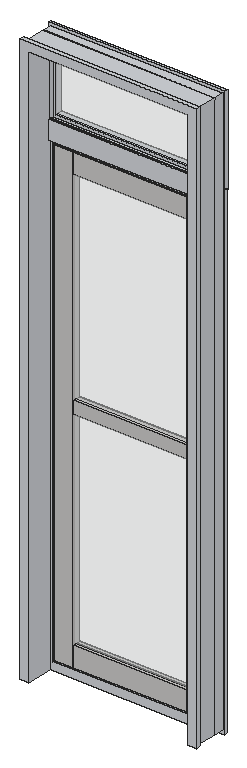
Revit family "APL Residential Thermal Heart Hinged Door with Overlight Open In", category Doors, host Wall, Revit 2017 (continued)
Definition of nested family "APL Residential Thermal Heart Hinged Door Open In Horizontal Section"
  Definition of nested family "Open In Jamb&Hinge"
    Definition of nested family "65300_Open In Frame"
      Lines and regions (mm)
        model lines, in view "Ref. Level"
          curve 107: line (29.9, -14.8, 0) -> (30.3, -15.2, 0)
          curve 108: line (30.3, -15.2, 0) -> (34.743, -15.2, 0)
          curve 109: line (35.233, -15, 0) -> (41.4, -15, 0)
          curve 110: line (42.8, -13.6, 0) -> (42.8, -13.194, 0)
          curve 111: line (43.213, -12.702, 0) -> (44.013, -12.561, 0)
          curve 112: line (44.6, -13.053, 0) -> (44.6, -24.2, 0)
          curve 113: line (45.9, -25.5, 0) -> (47.7, -25.5, 0)
          curve 114: line (47.7, -25.5, 0) -> (48, -25.2, 0)
          curve 115: line (48, -25.2, 0) -> (53.25, -25.2, 0)
          curve 116: line (53.25, -25.2, 0) -> (53.55, -25.5, 0)
          curve 117: line (53.55, -25.5, 0) -> (55.35, -25.5, 0)
          curve 118: line (55.35, -24.2, 0) -> (46, -24.2, 0)
          curve 119: line (46, -24.2, 0) -> (46, -4.7, 0)
          curve 120: line (46, -4.7, 0) -> (49.5, -4.7, 0)
          curve 121: line (50, -4.2, 0) -> (50, 7.5, 0)
          curve 122: line (49, 8.5, 0) -> (46.6, 8.5, 0)
          curve 123: line (45.9, 7.1, 0) -> (48.4, 7.1, 0)
          curve 124: line (48.6, 6.9, 0) -> (48.6, 4, 0)
          curve 125: line (48.4, 3.8, 0) -> (46.6, 3.8, 0)
          curve 126: line (45.9, 3.612, 0) -> (39.875, 0.134, 0)
          curve 127: line (39.375, 0, 0) -> (36.5, 0, 0)
          curve 128: line (36.5, 0, 0) -> (36.1, -0.4, 0)
          curve 129: line (36.1, -0.4, 0) -> (35.7, 0, 0)
          curve 130: line (35.7, 0, 0) -> (25.9, 0, 0)
          curve 131: line (25.9, 0, 0) -> (25.5, -0.4, 0)
          curve 132: line (25.5, -0.4, 0) -> (25.1, 0, 0)
          curve 133: line (25.1, 0, 0) -> (15.583, 0, 0)
          curve 134: line (14.813, 0.268, 0) -> (13.403, 0.782, 0)
          curve 135: line (13.001, 0.474, 0) -> (13.208, -1.892, 0)
          curve 136: line (13.295, -2.078, 0) -> (13.659, -2.441, 0)
          curve 137: arc (14.038, -2.184, 0) -> (14.09, -2.095, 0) -> (14.179, -2.043, 0) r 0.2
          curve 138: arc (-0.24, -19.661, 0) -> (-0.123, -19.944, 0) -> (0.16, -20.061, 0) r 0.4
          curve 139: arc (0.453, -20.061, 0) -> (0.556, -20.047, 0) -> (0.653, -20.007, 0) r 0.4
          curve 140: arc (2.181, -19.122, 0) -> (2.471, -19.002, 0) -> (2.782, -18.961, 0) r 1.2
          curve 141: arc (3.705, -18.961, 0) -> (4.278, -18.78, 0) -> (4.644, -18.303, 0) r 1
          curve 142: arc (5.437, -16.124, 0) -> (5.584, -15.933, 0) -> (5.813, -15.861, 0) r 0.4
          curve 143: arc (12.307, -15.861, 0) -> (12.536, -15.933, 0) -> (12.683, -16.124, 0) r 0.4
          curve 144: arc (13.476, -18.303, 0) -> (13.842, -18.78, 0) -> (14.415, -18.961, 0) r 1
          curve 145: arc (15.338, -18.961, 0) -> (15.649, -19.002, 0) -> (15.939, -19.122, 0) r 1.2
          curve 146: arc (17.467, -20.007, 0) -> (17.564, -20.047, 0) -> (17.667, -20.061, 0) r 0.4
          curve 147: arc (17.96, -20.061, 0) -> (18.243, -19.944, 0) -> (18.36, -19.661, 0) r 0.4
          curve 148: arc (18.36, -16.261, 0) -> (18.243, -15.978, 0) -> (17.96, -15.861, 0) r 0.4
          curve 149: arc (17.667, -15.861, 0) -> (17.564, -15.875, 0) -> (17.467, -15.915, 0) r 0.4
          curve 150: arc (15.939, -16.799, 0) -> (15.645, -16.921, 0) -> (15.33, -16.961, 0) r 1.2
          curve 151: arc (15.33, -16.961, 0) -> (15.155, -16.908, 0) -> (15.044, -16.764, 0) r 0.3
          curve 152: arc (14.156, -14.324, 0) -> (14.009, -14.133, 0) -> (13.78, -14.061, 0) r 0.4
          curve 153: arc (4.34, -14.061, 0) -> (4.111, -14.133, 0) -> (3.964, -14.324, 0) r 0.4
          curve 154: arc (3.076, -16.764, 0) -> (2.965, -16.908, 0) -> (2.79, -16.961, 0) r 0.3
          curve 155: arc (2.79, -16.961, 0) -> (2.475, -16.921, 0) -> (2.181, -16.799, 0) r 1.2
          curve 156: arc (0.653, -15.915, 0) -> (0.556, -15.875, 0) -> (0.453, -15.861, 0) r 0.4
          curve 157: arc (0.16, -15.861, 0) -> (-0.123, -15.978, 0) -> (-0.24, -16.261, 0) r 0.4
          curve 158: line (0.16, -20.061, 0) -> (0.453, -20.061, 0)
          curve 159: line (0.653, -20.007, 0) -> (2.181, -19.122, 0)
          curve 160: line (2.782, -18.961, 0) -> (3.705, -18.961, 0)
          curve 161: line (4.644, -18.303, 0) -> (5.437, -16.124, 0)
          curve 162: line (5.813, -15.861, 0) -> (12.307, -15.861, 0)
          curve 163: line (12.683, -16.124, 0) -> (13.476, -18.303, 0)
          curve 164: line (14.415, -18.961, 0) -> (15.338, -18.961, 0)
          curve 165: line (15.939, -19.122, 0) -> (17.467, -20.007, 0)
          curve 166: line (17.667, -20.061, 0) -> (17.96, -20.061, 0)
          curve 167: line (18.36, -19.661, 0) -> (18.36, -16.261, 0)
          curve 168: line (17.96, -15.861, 0) -> (17.667, -15.861, 0)
          curve 169: line (17.467, -15.915, 0) -> (15.939, -16.799, 0)
          curve 170: line (15.044, -16.764, 0) -> (14.156, -14.324, 0)
          curve 171: line (13.78, -14.061, 0) -> (4.34, -14.061, 0)
          curve 172: line (3.964, -14.324, 0) -> (3.076, -16.764, 0)
          curve 173: line (2.181, -16.799, 0) -> (0.653, -15.915, 0)
          curve 174: line (0.453, -15.861, 0) -> (0.16, -15.861, 0)
          curve 175: line (-0.24, -16.261, 0) -> (-0.24, -19.661, 0)
          curve 176: arc (-2.1, -5.6, 0) -> (-1.983, -5.883, 0) -> (-1.7, -6, 0) r 0.4
          curve 177: arc (-1.407, -6, 0) -> (-1.304, -5.986, 0) -> (-1.207, -5.946, 0) r 0.4
          curve 178: arc (0.321, -5.061, 0) -> (0.611, -4.941, 0) -> (0.922, -4.9, 0) r 1.2
          curve 179: arc (1.845, -4.9, 0) -> (2.418, -4.719, 0) -> (2.784, -4.242, 0) r 1
          curve 180: arc (3.577, -2.063, 0) -> (3.724, -1.872, 0) -> (3.953, -1.8, 0) r 0.4
          curve 181: arc (10.447, -1.8, 0) -> (10.676, -1.872, 0) -> (10.823, -2.063, 0) r 0.4
          curve 182: arc (11.616, -4.242, 0) -> (11.982, -4.719, 0) -> (12.555, -4.9, 0) r 1
          curve 183: arc (13.478, -4.9, 0) -> (13.789, -4.941, 0) -> (14.079, -5.061, 0) r 1.2
          curve 184: arc (15.607, -5.946, 0) -> (15.704, -5.986, 0) -> (15.807, -6, 0) r 0.4
          curve 185: arc (16.1, -6, 0) -> (16.383, -5.883, 0) -> (16.5, -5.6, 0) r 0.4
          curve 186: arc (16.5, -2.2, 0) -> (16.383, -1.917, 0) -> (16.1, -1.8, 0) r 0.4
          curve 187: arc (15.807, -1.8, 0) -> (15.704, -1.814, 0) -> (15.607, -1.854, 0) r 0.4
          curve 188: arc (14.079, -2.739, 0) -> (13.785, -2.86, 0) -> (13.47, -2.9, 0) r 1.2
          curve 189: arc (13.47, -2.9, 0) -> (13.295, -2.847, 0) -> (13.184, -2.703, 0) r 0.3
          curve 190: arc (12.296, -0.263, 0) -> (12.149, -0.072, 0) -> (11.92, 0, 0) r 0.4
          curve 191: arc (2.48, 0, 0) -> (2.251, -0.072, 0) -> (2.104, -0.263, 0) r 0.4
          curve 192: arc (1.216, -2.703, 0) -> (1.105, -2.847, 0) -> (0.93, -2.9, 0) r 0.3
          curve 193: arc (0.93, -2.9, 0) -> (0.615, -2.86, 0) -> (0.321, -2.739, 0) r 1.2
          curve 194: arc (-1.207, -1.854, 0) -> (-1.304, -1.814, 0) -> (-1.407, -1.8, 0) r 0.4
          curve 195: arc (-1.7, -1.8, 0) -> (-1.983, -1.917, 0) -> (-2.1, -2.2, 0) r 0.4
          curve 196: line (-1.7, -6, 0) -> (-1.407, -6, 0)
          curve 197: line (-1.207, -5.946, 0) -> (0.321, -5.061, 0)
          curve 198: line (0.922, -4.9, 0) -> (1.845, -4.9, 0)
          curve 199: line (2.784, -4.242, 0) -> (3.577, -2.063, 0)
          curve 200: line (3.953, -1.8, 0) -> (10.447, -1.8, 0)
          curve 201: line (10.823, -2.063, 0) -> (11.616, -4.242, 0)
          curve 202: line (12.555, -4.9, 0) -> (13.478, -4.9, 0)
          curve 203: line (14.079, -5.061, 0) -> (15.607, -5.946, 0)
          curve 204: line (15.807, -6, 0) -> (16.1, -6, 0)
          curve 205: line (16.5, -5.6, 0) -> (16.5, -2.2, 0)
          curve 206: line (16.1, -1.8, 0) -> (15.807, -1.8, 0)
          curve 207: line (15.607, -1.854, 0) -> (14.079, -2.739, 0)
          curve 208: line (13.184, -2.703, 0) -> (12.296, -0.263, 0)
          curve 209: line (11.92, 0, 0) -> (2.48, 0, 0)
          curve 210: line (2.104, -0.263, 0) -> (1.216, -2.703, 0)
          curve 211: line (0.321, -2.739, 0) -> (-1.207, -1.854, 0)
          curve 212: line (-1.407, -1.8, 0) -> (-1.7, -1.8, 0)
          curve 213: line (-2.1, -2.2, 0) -> (-2.1, -5.6, 0)
          curve 214: arc (-15.5, 27, 0) -> (-15.351, 27.351, 0) -> (-15, 27.5, 0) r 0.508
          curve 215: arc (-8.7, 27.5, 0) -> (-8.559, 27.441, 0) -> (-8.5, 27.3, 0) r 0.2
          curve 216: arc (-8.5, 26.1, 0) -> (-8.559, 25.959, 0) -> (-8.7, 25.9, 0) r 0.2
          curve 217: arc (-13.8, 25.9, 0) -> (-13.941, 25.841, 0) -> (-14, 25.7, 0) r 0.2
          curve 218: arc (-14, 22.6, 0) -> (-13.941, 22.459, 0) -> (-13.8, 22.4, 0) r 0.2
          curve 219: arc (-10.5, 23.15, 0) -> (-10.346, 23.381, 0) -> (-10.073, 23.327, 0) r 0.25
          curve 220: arc (-8.5, 19.1, 0) -> (-8.559, 18.959, 0) -> (-8.7, 18.9, 0) r 0.2
          curve 221: arc (-8.7, 18.9, 0) -> (-9.266, 19.134, 0) -> (-9.5, 19.7, 0) r 0.8
          curve 222: arc (-9.5, 20.8, 0) -> (-9.559, 20.941, 0) -> (-9.7, 21, 0) r 0.2
          curve 223: arc (-11.9, 20.4, 0) -> (-12.3, 20, 0) -> (-12.7, 20.4, 0) r 0.4
          curve 224: arc (-11.7, 8, 0) -> (-11.554, 8.354, 0) -> (-11.2, 8.5, 0) r 0.5
          curve 225: arc (-9.5, 8.5, 0) -> (-8.793, 8.207, 0) -> (-8.5, 7.5, 0) r 1
          curve 226: arc (-8.5, 7.4, 0) -> (-8.588, 7.188, 0) -> (-8.8, 7.1, 0) r 0.3
          curve 227: arc (-10.217, 7.1, 0) -> (-10.329, 7.066, 0) -> (-10.402, 6.975, 0) r 0.2
          curve 228: arc (-10.402, 6.975, 0) -> (-10.917, 6.339, 0) -> (-11.7, 6.1, 0) r 1.4
          curve 229: arc (-13.8, 6.1, 0) -> (-13.941, 6.041, 0) -> (-14, 5.9, 0) r 0.2
          curve 230: arc (-14, 1, 0) -> (-13.707, 0.293, 0) -> (-13, 0, 0) r 1
          curve 231: arc (-1.183, 0, 0) -> (-0.878, -0.199, 0) -> (-0.605, 0.043, 0) r 0.3
          curve 232: arc (-0.605, 0.043, 0) -> (-0.539, 0.181, 0) -> (-0.413, 0.268, 0) r 0.3
          curve 233: arc (0.997, 0.782, 0) -> (1.283, 0.738, 0) -> (1.399, 0.474, 0) r 0.3
          curve 234: arc (1.192, -1.892, 0) -> (1.165, -1.992, 0) -> (1.105, -2.078, 0) r 0.3
          curve 235: arc (0.741, -2.441, 0) -> (0.548, -2.493, 0) -> (0.407, -2.352, 0) r 0.2
          curve 236: arc (0.362, -2.184, 0) -> (0.31, -2.095, 0) -> (0.221, -2.043, 0) r 0.2
          curve 237: arc (-2, -1.5, 0) -> (-2.28, -1.693, 0) -> (-2.2, -2.024, 0) r 0.3
          curve 238: arc (-2.2, -2.024, 0) -> (-2.126, -2.125, 0) -> (-2.1, -2.247, 0) r 0.3
          curve 239: arc (-2.294, -6.25, 0) -> (-2.258, -6.422, 0) -> (-2.1, -6.5, 0) r 0.2
          curve 240: arc (-1.579, -6.5, 0) -> (-1.498, -6.489, 0) -> (-1.423, -6.456, 0) r 0.3
          curve 241: arc (-0.169, -5.691, 0) -> (-0.172, -5.521, 0) -> (-0.066, -5.389, 0) r 0.25
          curve 242: arc (0.02, -5.337, 0) -> (0.25, -5.321, 0) -> (0.395, -5.5, 0) r 0.25
          curve 243: arc (0.645, -5.5, 0) -> (0.786, -5.559, 0) -> (0.845, -5.7, 0) r 0.2
          curve 244: arc (0.845, -13.8, 0) -> (0.904, -13.941, 0) -> (1.045, -14, 0) r 0.2
          curve 245: arc (3.668, -14, 0) -> (3.832, -14.085, 0) -> (3.856, -14.268, 0) r 0.2
          curve 246: arc (3.163, -16.171, 0) -> (2.98, -16.41, 0) -> (2.694, -16.5, 0) r 0.5
          curve 247: arc (2.255, -16.5, 0) -> (2.11, -16.679, 0) -> (1.88, -16.663, 0) r 0.25
          curve 248: arc (1.794, -16.611, 0) -> (1.688, -16.479, 0) -> (1.691, -16.309, 0) r 0.25
          curve 249: arc (0.438, -15.544, 0) -> (0.362, -15.511, 0) -> (0.281, -15.5, 0) r 0.3
          curve 250: arc (-0.24, -15.5, 0) -> (-0.398, -15.578, 0) -> (-0.434, -15.75, 0) r 0.2
          curve 251: arc (-0.24, -19.753, 0) -> (-0.266, -19.875, 0) -> (-0.34, -19.976, 0) r 0.3
          curve 252: arc (-0.34, -19.976, 0) -> (-0.42, -20.307, 0) -> (-0.14, -20.5, 0) r 0.3
          curve 253: arc (2.081, -19.957, 0) -> (2.17, -19.905, 0) -> (2.222, -19.816, 0) r 0.2
          curve 254: arc (2.267, -19.648, 0) -> (2.408, -19.507, 0) -> (2.601, -19.559, 0) r 0.2
          curve 255: arc (2.965, -19.922, 0) -> (3.025, -20.008, 0) -> (3.052, -20.108, 0) r 0.3
          curve 256: arc (3.259, -22.474, 0) -> (3.143, -22.738, 0) -> (2.857, -22.782, 0) r 0.3
          curve 257: arc (1.447, -22.268, 0) -> (1.321, -22.181, 0) -> (1.255, -22.043, 0) r 0.3
          curve 258: arc (1.255, -22.043, 0) -> (0.982, -21.801, 0) -> (0.677, -22, 0) r 0.3
          curve 259: arc (0.2, -22, 0) -> (0.059, -22.059, 0) -> (0, -22.2, 0) r 0.2
          curve 260: arc (0, -27.301, 0) -> (-0.107, -27.836, 0) -> (-0.41, -28.291, 0) r 1.4
          curve 261: arc (-5.407, -33.287, 0) -> (-5.624, -33.612, 0) -> (-5.7, -33.995, 0) r 1
          curve 262: arc (-5.7, -39.659, 0) -> (-5.623, -39.816, 0) -> (-5.452, -39.853, 0) r 0.2
          curve 263: arc (-5.452, -39.853, 0) -> (-4.643, -40.177, 0) -> (-4.687, -41.048, 0) r 0.75
          curve 264: arc (-4.687, -41.048, 0) -> (-5.025, -42.005, 0) -> (-4.687, -42.962, 0) r 1.525
          curve 265: arc (-4.687, -42.962, 0) -> (-4.594, -43.113, 0) -> (-4.539, -43.281, 0) r 0.75
          curve 266: arc (-4.539, -43.281, 0) -> (-4.442, -43.492, 0) -> (-4.26, -43.636, 0) r 0.5
          curve 267: arc (-4.26, -43.636, 0) -> (-3.5, -43.805, 0) -> (-2.74, -43.637, 0) r 1.8
          curve 268: arc (-2.74, -43.637, 0) -> (-2.558, -43.492, 0) -> (-2.461, -43.28, 0) r 0.5
          curve 269: arc (-2.461, -43.28, 0) -> (-2.406, -43.112, 0) -> (-2.312, -42.961, 0) r 0.737
          curve 270: arc (-2.312, -42.961, 0) -> (-1.975, -42.005, 0) -> (-2.312, -41.049, 0) r 1.525
          curve 271: arc (-2.312, -41.049, 0) -> (-2.2, -40.012, 0) -> (-1.163, -40.124, 0) r 0.737
          curve 272: arc (-1.163, -40.124, 0) -> (-0.507, -41.796, 0) -> (-0.924, -43.544, 0) r 3
          curve 273: arc (-0.924, -43.544, 0) -> (-0.93, -44.047, 0) -> (-0.495, -44.3, 0) r 0.5
          curve 274: arc (-0.2, -44.3, 0) -> (-0.059, -44.359, 0) -> (0, -44.5, 0) r 0.2
          curve 275: arc (0, -45.3, 0) -> (-0.059, -45.441, 0) -> (-0.2, -45.5, 0) r 0.2
          curve 276: arc (-6, -45.5, 0) -> (-6.707, -45.207, 0) -> (-7, -44.5, 0) r 1
          curve 277: arc (-7, -35.563, 0) -> (-7.281, -34.295, 0) -> (-8.072, -33.265, 0) r 3
          curve 278: arc (-14.428, -27.931, 0) -> (-15.219, -26.9, 0) -> (-15.5, -25.63, 0) r 3
          curve 279: arc (-13.102, -1.4, 0) -> (-13.808, -1.693, 0) -> (-14.1, -2.4, 0) r 1
          curve 280: arc (-14.1, -25.631, 0) -> (-13.951, -26.308, 0) -> (-13.528, -26.859, 0) r 1.6
          curve 281: arc (-7.044, -32.3, 0) -> (-6.701, -32.416, 0) -> (-6.369, -32.27, 0) r 0.5
          curve 282: arc (-1.693, -27.594, 0) -> (-1.476, -27.269, 0) -> (-1.4, -26.886, 0) r 1
          curve 283: arc (-1.4, -22.466, 0) -> (-1.503, -22.161, 0) -> (-1.77, -21.983, 0) r 0.5
          curve 284: arc (-1.77, -21.983, 0) -> (-2.037, -21.804, 0) -> (-2.14, -21.5, 0) r 0.5
          curve 285: arc (-2.14, -15, 0) -> (-1.88, -14.328, 0) -> (-1.236, -14.005, 0) r 1
          curve 286: arc (-1.236, -14.005, 0) -> (-1.107, -13.94, 0) -> (-1.055, -13.806, 0) r 0.2
          curve 287: arc (-1.055, -8.9, 0) -> (-1.201, -8.546, 0) -> (-1.555, -8.4, 0) r 0.5
          curve 288: arc (-2.5, -8.4, 0) -> (-3.617, -8.073, 0) -> (-4.1, -7.014, 0) r 1.4
          curve 289: arc (-4.1, -1.9, 0) -> (-4.246, -1.546, 0) -> (-4.6, -1.4, 0) r 0.5
          curve 290: line (-15.5, -25.63, 0) -> (-15.5, 27, 0)
          curve 291: line (-15, 27.5, 0) -> (-8.7, 27.5, 0)
          curve 292: line (-8.5, 27.3, 0) -> (-8.5, 26.1, 0)
          curve 293: line (-8.7, 25.9, 0) -> (-13.8, 25.9, 0)
          curve 294: line (-14, 25.7, 0) -> (-14, 22.6, 0)
          curve 295: line (-13.8, 22.4, 0) -> (-10.5, 22.4, 0)
          curve 296: line (-10.5, 22.4, 0) -> (-10.5, 23.15, 0)
          curve 297: line (-10.073, 23.327, 0) -> (-8.559, 21.812, 0)
          curve 298: line (-8.559, 21.812, 0) -> (-8.5, 19.1, 0)
          curve 299: line (-9.5, 19.7, 0) -> (-9.5, 20.8, 0)
          curve 300: line (-9.7, 21, 0) -> (-11.9, 21, 0)
          curve 301: line (-11.9, 21, 0) -> (-11.9, 20.4, 0)
          curve 302: line (-12.7, 20.4, 0) -> (-12.7, 21, 0)
          curve 303: line (-12.7, 21, 0) -> (-14, 21, 0)
          curve 304: line (-14, 21, 0) -> (-14, 7.5, 0)
          curve 305: line (-14, 7.5, 0) -> (-11.7, 7.5, 0)
          curve 306: line (-11.7, 7.5, 0) -> (-11.7, 8, 0)
          curve 307: line (-11.2, 8.5, 0) -> (-9.5, 8.5, 0)
          curve 308: line (-8.8, 7.1, 0) -> (-10.217, 7.1, 0)
          curve 309: line (-11.7, 6.1, 0) -> (-13.8, 6.1, 0)
          curve 310: line (-14, 5.9, 0) -> (-14, 1, 0)
          curve 311: line (-13, 0, 0) -> (-1.183, 0, 0)
          curve 312: line (-0.413, 0.268, 0) -> (0.997, 0.782, 0)
          curve 313: line (1.399, 0.474, 0) -> (1.192, -1.892, 0)
          curve 314: line (1.105, -2.078, 0) -> (0.741, -2.441, 0)
          curve 315: line (0.407, -2.352, 0) -> (0.362, -2.184, 0)
          curve 316: line (0.362, -2.184, 0) -> (-1.768, -1.51, 0)
          curve 317: line (-1.768, -1.51, 0) -> (-2, -1.5, 0)
          curve 318: line (-2.1, -2.247, 0) -> (-2.1, -5.475, 0)
          curve 319: line (-2.1, -5.475, 0) -> (-2.294, -6.25, 0)
          curve 320: line (-2.1, -6.5, 0) -> (-1.579, -6.5, 0)
          curve 321: line (-1.579, -6.5, 0) -> (-0.169, -5.691, 0)
          curve 322: line (0.395, -5.5, 0) -> (0.645, -5.5, 0)
          curve 323: line (0.845, -5.7, 0) -> (0.845, -13.8, 0)
          curve 324: line (1.045, -14, 0) -> (3.668, -14, 0)
          curve 325: line (3.856, -14.268, 0) -> (3.163, -16.171, 0)
          curve 326: line (2.694, -16.5, 0) -> (2.255, -16.5, 0)
          curve 327: line (1.691, -16.309, 0) -> (0.438, -15.544, 0)
          curve 328: line (0.438, -15.544, 0) -> (-0.24, -15.5, 0)
          curve 329: line (-0.434, -15.75, 0) -> (-0.246, -16.475, 0)
          curve 330: line (-0.246, -16.475, 0) -> (-0.24, -19.753, 0)
          curve 331: line (0.014, -20.5, 0) -> (2.081, -19.957, 0)
          curve 332: line (2.081, -19.957, 0) -> (2.267, -19.648, 0)
          curve 333: line (2.601, -19.559, 0) -> (2.965, -19.922, 0)
          curve 334: line (3.052, -20.108, 0) -> (3.259, -22.474, 0)
          curve 335: line (2.857, -22.782, 0) -> (1.447, -22.268, 0)
          curve 336: line (0.677, -22, 0) -> (0.2, -22, 0)
          curve 337: line (0, -22.2, 0) -> (0, -27.301, 0)
          curve 338: line (-0.41, -28.291, 0) -> (-5.407, -33.287, 0)
          curve 339: line (-5.7, -33.995, 0) -> (-5.7, -39.659, 0)
          curve 340: line (-0.495, -44.3, 0) -> (-0.2, -44.3, 0)
          curve 341: line (0, -44.5, 0) -> (0, -45.3, 0)
          curve 342: line (-0.2, -45.5, 0) -> (-6, -45.5, 0)
          curve 343: line (-7, -44.5, 0) -> (-7, -35.563, 0)
          curve 344: line (-8.072, -33.265, 0) -> (-14.428, -27.931, 0)
          curve 345: line (-14.1, -2.4, 0) -> (-14.1, -25.631, 0)
          curve 346: line (-13.528, -26.859, 0) -> (-7.044, -32.3, 0)
          curve 347: line (-6.369, -32.27, 0) -> (-1.693, -27.594, 0)
          curve 348: line (-1.4, -26.886, 0) -> (-1.4, -22.466, 0)
          curve 349: line (-2.14, -21.5, 0) -> (-2.14, -15, 0)
          curve 350: line (-1.055, -13.806, 0) -> (-1.055, -8.9, 0)
          curve 351: line (-1.555, -8.4, 0) -> (-2.5, -8.4, 0)
          curve 352: line (-4.1, -7.014, 0) -> (-4.1, -1.9, 0)
          curve 353: line (-4.6, -1.4, 0) -> (-13.102, -1.4, 0)
      Text (mm)
        text "65300" at (11.86, 30.704, 0), in view "Ref. Level"
  Definition of nested family "Open In Jamb"
    Types (2): name
      Open Out Jamb
      Jamb
    Reference planes
      plane 1 "Center (Front/Back)": y = 0
      plane 2: z = 0
      plane 3 "Center (Left/Right)": x = 0
    Lines and regions (mm)
      detail lines, in view "Ref. Level", not visible
        curve 1: arc (27.921, 135.423, 0) -> (27.611, 135.563, 0) -> (27.449, 135.264, 0) r 0.25
        curve 2: arc (27.475, 125.376, 0) -> (27.637, 125.077, 0) -> (27.948, 125.217, 0) r 0.25
        curve 3: line (27.449, 135.264, 0) -> (28.443, 131.396, 0)
        curve 4: line (28.443, 131.396, 0) -> (27.439, 130.817, 0)
        curve 5: line (27.439, 130.817, 0) -> (27.439, 129.817, 0)
        curve 6: line (27.439, 129.817, 0) -> (28.465, 129.225, 0)
        curve 7: line (28.465, 129.225, 0) -> (27.475, 125.376, 0)
        curve 8: line (27.948, 125.217, 0) -> (29.672, 129.317, 0)
        curve 9: line (29.672, 129.317, 0) -> (30.939, 129.317, 0)
        curve 10: line (30.939, 129.317, 0) -> (30.939, 128.067, 0)
        curve 11: line (30.939, 128.067, 0) -> (31.939, 128.067, 0)
        curve 12: line (31.939, 128.067, 0) -> (31.939, 132.567, 0)
        curve 13: line (31.939, 132.567, 0) -> (30.939, 132.567, 0)
        curve 14: line (30.939, 132.567, 0) -> (30.939, 131.317, 0)
        curve 15: line (30.939, 131.317, 0) -> (29.647, 131.317, 0)
        curve 16: line (29.647, 131.317, 0) -> (27.921, 135.423, 0)
        curve 17: arc (43.239, 46.459, 0) -> (43.098, 46.401, 0) -> (43.039, 46.259, 0) r 0.2
        curve 18: arc (43.039, 43.539, 0) -> (42.981, 43.398, 0) -> (42.839, 43.339, 0) r 0.2
        curve 19: arc (41.739, 43.339, 0) -> (41.032, 43.632, 0) -> (40.739, 44.339, 0) r 1
        curve 20: arc (40.304, 42.421, 0) -> (39.422, 41.539, 0) -> (38.539, 42.421, 0) r 0.882
        curve 21: arc (38.539, 44.651, 0) -> (38.545, 44.752, 0) -> (38.56, 44.852, 0) r 1
        curve 22: arc (39.401, 48.942, 0) -> (39.95, 49.665, 0) -> (40.814, 49.939, 0) r 1.5
        curve 23: arc (42.039, 49.939, 0) -> (42.747, 49.646, 0) -> (43.039, 48.939, 0) r 1
        curve 24: arc (47.988, 48.439, 0) -> (48.168, 48.327, 0) -> (48.146, 48.116, 0) r 0.2
        curve 25: arc (46.796, 45.416, 0) -> (46.657, 45.31, 0) -> (46.487, 45.354, 0) r 0.2
        curve 26: line (43.039, 46.259, 0) -> (43.039, 43.539, 0)
        curve 27: line (42.839, 43.339, 0) -> (42.439, 43.339, 0)
        curve 28: line (42.439, 43.339, 0) -> (41.739, 43.339, 0)
        curve 29: line (40.739, 44.339, 0) -> (40.739, 47.344, 0)
        curve 30: line (40.739, 47.344, 0) -> (40.312, 44.702, 0)
        curve 31: line (40.312, 44.702, 0) -> (40.304, 42.421, 0)
        curve 32: line (38.539, 42.421, 0) -> (38.539, 44.651, 0)
        curve 33: line (38.56, 44.852, 0) -> (39.401, 48.942, 0)
        curve 34: line (40.944, 49.939, 0) -> (42.039, 49.939, 0)
        curve 35: line (43.039, 48.939, 0) -> (43.039, 48.439, 0)
        curve 36: line (43.039, 48.439, 0) -> (47.988, 48.439, 0)
        curve 37: line (48.146, 48.116, 0) -> (46.796, 45.416, 0)
        curve 38: line (46.487, 45.354, 0) -> (45.203, 46.459, 0)
        curve 39: arc (45.203, 46.459, 0) -> (44.221, 46.592, 0) -> (43.239, 46.459, 0) r 3.701
        curve 40: arc (48.146, 48.116, 0) -> (48.168, 48.327, 0) -> (47.988, 48.439, 0) r 0.2
      detail lines, in view "Ref. Level"
        curve 41: arc (130.406, 36.74, 0) -> (130.546, 36.43, 0) -> (130.247, 36.267, 0) r 0.25
        curve 42: arc (120.359, 36.294, 0) -> (120.059, 36.456, 0) -> (120.199, 36.766, 0) r 0.25
        curve 43: line (130.247, 36.267, 0) -> (126.379, 37.261, 0)
        curve 44: line (126.379, 37.261, 0) -> (125.8, 36.258, 0)
        curve 45: line (125.8, 36.258, 0) -> (124.8, 36.258, 0)
        curve 46: line (124.8, 36.258, 0) -> (124.208, 37.283, 0)
        curve 47: line (124.208, 37.283, 0) -> (120.359, 36.294, 0)
        curve 48: line (120.199, 36.766, 0) -> (124.3, 38.49, 0)
        curve 49: line (124.3, 38.49, 0) -> (124.3, 39.758, 0)
        curve 50: line (124.3, 39.758, 0) -> (123.05, 39.758, 0)
        curve 51: line (123.05, 39.758, 0) -> (123.05, 40.758, 0)
        curve 52: line (123.05, 40.758, 0) -> (127.55, 40.758, 0)
        curve 53: line (127.55, 40.758, 0) -> (127.55, 39.758, 0)
        curve 54: line (127.55, 39.758, 0) -> (126.3, 39.758, 0)
        curve 55: line (126.3, 39.758, 0) -> (126.3, 38.466, 0)
        curve 56: line (126.3, 38.466, 0) -> (130.406, 36.74, 0)
        curve 57: arc (49.459, -8.742, 0) -> (49.401, -8.6, 0) -> (49.259, -8.542, 0) r 0.2
        curve 58: arc (46.539, -8.542, 0) -> (46.398, -8.483, 0) -> (46.339, -8.342, 0) r 0.2
        curve 59: arc (46.339, -7.242, 0) -> (46.632, -6.535, 0) -> (47.339, -6.242, 0) r 1
        curve 60: arc (45.421, -5.807, 0) -> (44.539, -4.924, 0) -> (45.421, -4.042, 0) r 0.882
        curve 61: arc (47.651, -4.042, 0) -> (47.752, -4.047, 0) -> (47.852, -4.062, 0) r 1
        curve 62: arc (51.942, -4.904, 0) -> (52.665, -5.452, 0) -> (52.939, -6.317, 0) r 1.5
        curve 63: arc (52.939, -7.542, 0) -> (52.646, -8.249, 0) -> (51.939, -8.542, 0) r 1
        curve 64: arc (51.439, -13.491, 0) -> (51.327, -13.67, 0) -> (51.116, -13.649, 0) r 0.2
        curve 65: arc (48.416, -12.299, 0) -> (48.31, -12.159, 0) -> (48.354, -11.99, 0) r 0.2
        curve 66: line (49.259, -8.542, 0) -> (46.539, -8.542, 0)
        curve 67: line (46.339, -8.342, 0) -> (46.339, -7.942, 0)
        curve 68: line (46.339, -7.942, 0) -> (46.339, -7.242, 0)
        curve 69: line (47.339, -6.242, 0) -> (50.344, -6.242, 0)
        curve 70: line (50.344, -6.242, 0) -> (47.702, -5.814, 0)
        curve 71: line (47.702, -5.814, 0) -> (45.421, -5.807, 0)
        curve 72: line (45.421, -4.042, 0) -> (47.651, -4.042, 0)
        curve 73: line (47.852, -4.062, 0) -> (51.942, -4.904, 0)
        curve 74: line (52.939, -6.447, 0) -> (52.939, -7.542, 0)
        curve 75: line (51.939, -8.542, 0) -> (51.439, -8.542, 0)
        curve 76: line (51.439, -8.542, 0) -> (51.439, -13.491, 0)
        curve 77: line (51.116, -13.649, 0) -> (48.416, -12.299, 0)
        curve 78: line (48.354, -11.99, 0) -> (49.459, -10.705, 0)
        curve 79: arc (49.459, -10.705, 0) -> (49.592, -9.724, 0) -> (49.459, -8.742, 0) r 3.701
        curve 80: arc (51.116, -13.649, 0) -> (51.327, -13.67, 0) -> (51.439, -13.491, 0) r 0.2
    Nested families
      nested 1: "65210_Lock Stile" at (40.05, -4.042, 0) x (0, 1, 0) z (0, 0, 1), type "65210_Lock Stile", in view "Ref. Level"
      nested 2: "65300_Open In Frame" at (25.5, 0, 0) x (0, 1, 0) z (0, 0, 1), type "65300_Open In Frame", in view "Ref. Level"
    Definition of nested family "65210_Lock Stile"
      Reference planes
        plane 1 "Center (Front/Back)": y = 0
        plane 2: z = 0
        plane 3 "Center (Left/Right)": x = 0
      Lines and regions (mm)
        model lines, in view "Ref. Level"
          curve 1: arc (27.4, 64.45, 0) -> (27.272, 64.668, 0) -> (27.019, 64.663, 0) r 0.25
          curve 2: arc (26.934, 64.611, 0) -> (26.828, 64.479, 0) -> (26.831, 64.309, 0) r 0.25
          curve 3: arc (25.577, 63.544, 0) -> (25.502, 63.511, 0) -> (25.421, 63.5, 0) r 0.3
          curve 4: arc (24.9, 63.5, 0) -> (24.742, 63.578, 0) -> (24.706, 63.75, 0) r 0.2
          curve 5: arc (24.9, 67.753, 0) -> (24.874, 67.875, 0) -> (24.8, 67.976, 0) r 0.3
          curve 6: arc (24.8, 67.976, 0) -> (24.72, 68.307, 0) -> (25, 68.5, 0) r 0.3
          curve 7: arc (27.221, 67.957, 0) -> (27.31, 67.905, 0) -> (27.362, 67.816, 0) r 0.2
          curve 8: arc (27.407, 67.648, 0) -> (27.548, 67.507, 0) -> (27.741, 67.559, 0) r 0.2
          curve 9: arc (28.105, 67.922, 0) -> (28.165, 68.008, 0) -> (28.192, 68.108, 0) r 0.3
          curve 10: arc (28.399, 70.474, 0) -> (28.283, 70.738, 0) -> (27.997, 70.782, 0) r 0.3
          curve 11: arc (26.587, 70.268, 0) -> (26.461, 70.181, 0) -> (26.395, 70.043, 0) r 0.3
          curve 12: arc (26.395, 70.043, 0) -> (26.122, 69.801, 0) -> (25.817, 70, 0) r 0.3
          curve 13: arc (24.003, 70, 0) -> (23.295, 69.707, 0) -> (23.003, 69, 0) r 1
          curve 14: arc (23.003, 63.28, 0) -> (22.944, 63.139, 0) -> (22.803, 63.08, 0) r 0.2
          curve 15: arc (17.703, 63.08, 0) -> (17.561, 63.139, 0) -> (17.503, 63.28, 0) r 0.2
          curve 16: arc (17.503, 69, 0) -> (17.21, 69.707, 0) -> (16.503, 70, 0) r 1
          curve 17: arc (9.5, 70, 0) -> (9.359, 69.941, 0) -> (9.3, 69.8, 0) r 0.2
          curve 18: arc (9.3, 69.5, 0) -> (9.38, 69.2, 0) -> (9.6, 68.98, 0) r 0.6
          curve 19: arc (10.7, 68.345, 0) -> (10.773, 68.272, 0) -> (10.8, 68.172, 0) r 0.2
          curve 20: arc (10.8, 64.08, 0) -> (10.507, 63.373, 0) -> (9.8, 63.08, 0) r 1
          curve 21: arc (2.42, 63.08, 0) -> (1.721, 63.366, 0) -> (1.421, 64.06, 0) r 1
          curve 22: arc (1.322, 68.935, 0) -> (1.357, 69.052, 0) -> (1.453, 69.127, 0) r 0.2
          curve 23: arc (1.453, 69.127, 0) -> (1.621, 69.234, 0) -> (1.725, 69.403, 0) r 0.45
          curve 24: arc (1.725, 69.403, 0) -> (1.729, 69.522, 0) -> (1.665, 69.621, 0) r 0.2
          curve 25: arc (0.2, 70, 0) -> (0.059, 69.941, 0) -> (0, 69.8, 0) r 0.2
          curve 26: arc (0, 0.501, 0) -> (0.146, 0.147, 0) -> (0.5, 0, 0) r 0.5
          curve 27: arc (1, 0, 0) -> (1.354, 0.146, 0) -> (1.5, 0.5, 0) r 0.5
          curve 28: arc (1.5, 2.8, 0) -> (1.559, 2.941, 0) -> (1.7, 3, 0) r 0.2
          curve 29: arc (31.817, 3, 0) -> (32.122, 3.199, 0) -> (32.395, 2.957, 0) r 0.3
          curve 30: arc (32.395, 2.957, 0) -> (32.461, 2.819, 0) -> (32.587, 2.732, 0) r 0.3
          curve 31: arc (33.997, 2.218, 0) -> (34.283, 2.262, 0) -> (34.399, 2.526, 0) r 0.3
          curve 32: arc (34.192, 4.892, 0) -> (34.165, 4.992, 0) -> (34.105, 5.078, 0) r 0.3
          curve 33: arc (33.741, 5.441, 0) -> (33.548, 5.493, 0) -> (33.407, 5.352, 0) r 0.2
          curve 34: arc (33.362, 5.184, 0) -> (33.31, 5.095, 0) -> (33.221, 5.043, 0) r 0.2
          curve 35: arc (31, 4.5, 0) -> (30.72, 4.693, 0) -> (30.8, 5.024, 0) r 0.3
          curve 36: arc (30.8, 5.024, 0) -> (30.874, 5.125, 0) -> (30.9, 5.247, 0) r 0.3
          curve 37: arc (30.706, 9.25, 0) -> (30.742, 9.422, 0) -> (30.9, 9.5, 0) r 0.2
          curve 38: arc (31.421, 9.5, 0) -> (31.502, 9.489, 0) -> (31.577, 9.456, 0) r 0.3
          curve 39: arc (32.831, 8.691, 0) -> (32.828, 8.521, 0) -> (32.934, 8.389, 0) r 0.25
          curve 40: arc (33.02, 8.337, 0) -> (33.272, 8.332, 0) -> (33.4, 8.55, 0) r 0.25
          curve 41: arc (33.4, 11.2, 0) -> (33.341, 11.341, 0) -> (33.2, 11.4, 0) r 0.2
          curve 42: arc (30, 11.4, 0) -> (29.293, 11.107, 0) -> (29, 10.4, 0) r 1
          curve 43: arc (2.1, 4.6, 0) -> (1.746, 4.746, 0) -> (1.6, 5.1, 0) r 0.5
          curve 44: arc (1.6, 60.98, 0) -> (1.746, 61.334, 0) -> (2.1, 61.48, 0) r 0.5
          curve 45: arc (9.8, 61.48, 0) -> (11.638, 62.242, 0) -> (12.4, 64.08, 0) r 2.6
          curve 46: arc (12.4, 68.2, 0) -> (12.459, 68.341, 0) -> (12.6, 68.4, 0) r 0.2
          curve 47: arc (15.703, 68.4, 0) -> (15.844, 68.341, 0) -> (15.903, 68.2, 0) r 0.2
          curve 48: arc (15.903, 62, 0) -> (16.049, 61.646, 0) -> (16.403, 61.5, 0) r 0.5
          curve 49: arc (27.2, 61.5, 0) -> (27.341, 61.559, 0) -> (27.4, 61.7, 0) r 0.2
          curve 50: line (26.831, 64.309, 0) -> (25.577, 63.544, 0)
          curve 51: line (25.577, 63.544, 0) -> (24.9, 63.5, 0)
          curve 52: line (24.706, 63.75, 0) -> (24.894, 64.475, 0)
          curve 53: line (24.894, 64.475, 0) -> (24.9, 67.753, 0)
          curve 54: line (25.154, 68.5, 0) -> (27.221, 67.957, 0)
          curve 55: line (27.221, 67.957, 0) -> (27.407, 67.648, 0)
          curve 56: line (27.741, 67.559, 0) -> (28.105, 67.922, 0)
          curve 57: line (28.192, 68.108, 0) -> (28.399, 70.474, 0)
          curve 58: line (27.997, 70.782, 0) -> (26.587, 70.268, 0)
          curve 59: line (25.817, 70, 0) -> (24.003, 70, 0)
          curve 60: line (23.003, 69, 0) -> (23.003, 63.28, 0)
          curve 61: line (22.803, 63.08, 0) -> (17.703, 63.08, 0)
          curve 62: line (17.503, 63.28, 0) -> (17.503, 69, 0)
          curve 63: line (16.503, 70, 0) -> (9.5, 70, 0)
          curve 64: line (9.3, 69.8, 0) -> (9.3, 69.5, 0)
          curve 65: line (9.6, 68.98, 0) -> (10.7, 68.345, 0)
          curve 66: line (10.8, 68.172, 0) -> (10.8, 64.08, 0)
          curve 67: line (9.8, 63.08, 0) -> (2.42, 63.08, 0)
          curve 68: line (1.421, 64.06, 0) -> (1.322, 68.935, 0)
          curve 69: line (1.665, 69.621, 0) -> (1.269, 69.953, 0)
          curve 70: line (1.269, 69.953, 0) -> (0.2, 70, 0)
          curve 71: line (0, 69.8, 0) -> (0, 0.501, 0)
          curve 72: line (0.5, 0, 0) -> (1, 0, 0)
          curve 73: line (1.5, 0.5, 0) -> (1.5, 2.8, 0)
          curve 74: line (1.7, 3, 0) -> (17.6, 3, 0)
          curve 75: line (17.6, 3, 0) -> (18, 3.4, 0)
          curve 76: line (18, 3.4, 0) -> (18.4, 3, 0)
          curve 77: line (18.4, 3, 0) -> (19.6, 3, 0)
          curve 78: line (19.6, 3, 0) -> (20, 3.4, 0)
          curve 79: line (20, 3.4, 0) -> (20.4, 3, 0)
          curve 80: line (20.4, 3, 0) -> (31.817, 3, 0)
          curve 81: line (32.587, 2.732, 0) -> (33.997, 2.218, 0)
          curve 82: line (34.399, 2.526, 0) -> (34.192, 4.892, 0)
          curve 83: line (34.105, 5.078, 0) -> (33.741, 5.441, 0)
          curve 84: line (33.407, 5.352, 0) -> (33.362, 5.184, 0)
          curve 85: line (33.362, 5.184, 0) -> (31.232, 4.51, 0)
          curve 86: line (31.232, 4.51, 0) -> (31, 4.5, 0)
          curve 87: line (30.9, 5.247, 0) -> (30.9, 8.475, 0)
          curve 88: line (30.9, 8.475, 0) -> (30.706, 9.25, 0)
          curve 89: line (30.9, 9.5, 0) -> (31.421, 9.5, 0)
          curve 90: line (31.421, 9.5, 0) -> (32.831, 8.691, 0)
          curve 91: line (33.4, 8.55, 0) -> (33.4, 11.2, 0)
          curve 92: line (33.2, 11.4, 0) -> (30, 11.4, 0)
          curve 93: line (29, 10.4, 0) -> (29, 5.8, 0)
          curve 94: line (29, 5.8, 0) -> (23.5, 5.8, 0)
          curve 95: line (23.5, 5.8, 0) -> (22.3, 4.6, 0)
          curve 96: line (22.3, 4.6, 0) -> (15.7, 4.6, 0)
          curve 97: line (15.7, 4.6, 0) -> (14.5, 5.8, 0)
          curve 98: line (14.5, 5.8, 0) -> (9.5, 5.8, 0)
          curve 99: line (9.5, 5.8, 0) -> (8.3, 4.6, 0)
          curve 100: line (8.3, 4.6, 0) -> (2.1, 4.6, 0)
          curve 101: line (1.6, 5.1, 0) -> (1.6, 60.98, 0)
          curve 102: line (2.1, 61.48, 0) -> (9.8, 61.48, 0)
          curve 103: line (12.4, 64.08, 0) -> (12.4, 68.2, 0)
          curve 104: line (12.6, 68.4, 0) -> (15.703, 68.4, 0)
          curve 105: line (15.903, 68.2, 0) -> (15.903, 62, 0)
          curve 106: line (16.403, 61.5, 0) -> (19.603, 61.5, 0)
          curve 107: line (19.603, 61.5, 0) -> (20.003, 61.9, 0)
          curve 108: line (20.003, 61.9, 0) -> (20.403, 61.5, 0)
          curve 109: line (20.403, 61.5, 0) -> (27.2, 61.5, 0)
          curve 110: line (27.4, 61.7, 0) -> (27.4, 64.45, 0)
          curve 111: line (27.4, 64.45, 0) -> (27.4, 63.6, 0)
          curve 112: arc (41, 62.874, 0) -> (41.128, 62.385, 0) -> (41.479, 62.021, 0) r 1
          curve 113: arc (42.049, 61.673, 0) -> (42.174, 61.619, 0) -> (42.309, 61.6, 0) r 0.5
          curve 114: arc (44.9, 61.6, 0) -> (45.254, 61.746, 0) -> (45.4, 62.1, 0) r 0.5
          curve 115: arc (45.4, 68.091, 0) -> (45.455, 68.318, 0) -> (45.608, 68.496, 0) r 0.5
          curve 116: arc (45.608, 68.496, 0) -> (45.836, 68.687, 0) -> (46.035, 68.908, 0) r 2.1
          curve 117: arc (46.035, 68.908, 0) -> (46.21, 69.049, 0) -> (46.429, 69.1, 0) r 0.5
          curve 118: arc (49.6, 69.1, 0) -> (49.954, 68.954, 0) -> (50.1, 68.6, 0) r 0.5
          curve 119: arc (50.1, 15.4, 0) -> (49.954, 15.046, 0) -> (49.6, 14.9, 0) r 0.5
          curve 120: arc (45.3, 14.9, 0) -> (45.159, 14.841, 0) -> (45.1, 14.7, 0) r 0.2
          curve 121: arc (45.1, 13.1, 0) -> (45.159, 12.959, 0) -> (45.3, 12.9, 0) r 0.2
          curve 122: arc (49.9, 12.9, 0) -> (50.041, 12.841, 0) -> (50.1, 12.7, 0) r 0.2
          curve 123: arc (50.1, 11.7, 0) -> (50.041, 11.559, 0) -> (49.9, 11.5, 0) r 0.2
          curve 124: arc (48.473, 11.5, 0) -> (48.338, 11.481, 0) -> (48.212, 11.427, 0) r 0.5
          curve 125: arc (47.479, 10.979, 0) -> (47.128, 10.615, 0) -> (47, 10.126, 0) r 1
          curve 126: arc (47, 8.55, 0) -> (47.128, 8.332, 0) -> (47.38, 8.337, 0) r 0.25
          curve 127: arc (47.466, 8.389, 0) -> (47.572, 8.521, 0) -> (47.569, 8.691, 0) r 0.25
          curve 128: arc (48.823, 9.456, 0) -> (48.898, 9.489, 0) -> (48.979, 9.5, 0) r 0.3
          curve 129: arc (49.5, 9.5, 0) -> (49.658, 9.422, 0) -> (49.694, 9.25, 0) r 0.2
          curve 130: arc (49.5, 5.247, 0) -> (49.526, 5.125, 0) -> (49.6, 5.024, 0) r 0.3
          curve 131: arc (49.6, 5.024, 0) -> (49.68, 4.693, 0) -> (49.4, 4.5, 0) r 0.3
          curve 132: arc (47.179, 5.043, 0) -> (47.09, 5.095, 0) -> (47.038, 5.184, 0) r 0.2
          curve 133: arc (46.993, 5.352, 0) -> (46.852, 5.493, 0) -> (46.659, 5.441, 0) r 0.2
          curve 134: arc (46.295, 5.078, 0) -> (46.235, 4.992, 0) -> (46.208, 4.892, 0) r 0.3
          curve 135: arc (46.001, 2.526, 0) -> (46.117, 2.262, 0) -> (46.403, 2.218, 0) r 0.3
          curve 136: arc (47.813, 2.732, 0) -> (47.939, 2.819, 0) -> (48.005, 2.957, 0) r 0.3
          curve 137: arc (48.005, 2.957, 0) -> (48.278, 3.199, 0) -> (48.583, 3, 0) r 0.3
          curve 138: arc (50.5, 0.5, 0) -> (50.646, 0.146, 0) -> (51, 0, 0) r 0.5
          curve 139: arc (51.5, 0, 0) -> (51.854, 0.146, 0) -> (52, 0.5, 0) r 0.5
          curve 140: arc (52, 89.2, 0) -> (51.8, 89.4, 0) -> (51.6, 89.2, 0) r 0.2
          curve 141: arc (43, 89, 0) -> (42.646, 88.854, 0) -> (42.5, 88.5, 0) r 0.5
          curve 142: arc (42.5, 87.25, 0) -> (43, 86.75, 0) -> (43.5, 87.25, 0) r 0.5
          curve 143: arc (43.5, 87.8, 0) -> (43.559, 87.941, 0) -> (43.7, 88, 0) r 0.2
          curve 144: arc (44.8, 88, 0) -> (44.941, 87.941, 0) -> (45, 87.8, 0) r 0.2
          curve 145: arc (45, 82.7, 0) -> (44.941, 82.559, 0) -> (44.8, 82.5, 0) r 0.2
          curve 146: arc (43.7, 82.5, 0) -> (43.559, 82.559, 0) -> (43.5, 82.7, 0) r 0.2
          curve 147: arc (43.5, 83.25, 0) -> (43, 83.75, 0) -> (42.5, 83.25, 0) r 0.5
          curve 148: arc (42.5, 81.7, 0) -> (42.559, 81.559, 0) -> (42.7, 81.5, 0) r 0.2
          curve 149: arc (46, 81.5, 0) -> (46.354, 81.646, 0) -> (46.5, 82, 0) r 0.5
          curve 150: arc (46.5, 87, 0) -> (46.646, 87.354, 0) -> (47, 87.5, 0) r 0.5
          curve 151: arc (49.6, 87.5, 0) -> (49.954, 87.354, 0) -> (50.1, 87, 0) r 0.5
          curve 152: arc (50.1, 71.5, 0) -> (49.954, 71.146, 0) -> (49.6, 71, 0) r 0.5
          curve 153: arc (44.78, 71, 0) -> (44.639, 70.941, 0) -> (44.58, 70.8, 0) r 0.2
          curve 154: arc (44.58, 70.2, 0) -> (44.521, 70.059, 0) -> (44.38, 70, 0) r 0.2
          curve 155: arc (42.583, 70, 0) -> (42.278, 69.801, 0) -> (42.005, 70.043, 0) r 0.3
          curve 156: arc (42.005, 70.043, 0) -> (41.939, 70.181, 0) -> (41.813, 70.268, 0) r 0.3
          curve 157: arc (40.403, 70.782, 0) -> (40.117, 70.738, 0) -> (40.001, 70.474, 0) r 0.3
          curve 158: arc (40.208, 68.108, 0) -> (40.235, 68.008, 0) -> (40.295, 67.922, 0) r 0.3
          curve 159: arc (40.659, 67.559, 0) -> (40.852, 67.507, 0) -> (40.993, 67.648, 0) r 0.2
          curve 160: arc (41.038, 67.816, 0) -> (41.09, 67.905, 0) -> (41.179, 67.957, 0) r 0.2
          curve 161: arc (43.4, 68.5, 0) -> (43.68, 68.307, 0) -> (43.6, 67.976, 0) r 0.3
          curve 162: arc (43.6, 67.976, 0) -> (43.526, 67.875, 0) -> (43.5, 67.753, 0) r 0.3
          curve 163: arc (43.694, 63.75, 0) -> (43.658, 63.578, 0) -> (43.5, 63.5, 0) r 0.2
          curve 164: arc (42.979, 63.5, 0) -> (42.898, 63.511, 0) -> (42.823, 63.544, 0) r 0.3
          curve 165: arc (41.569, 64.309, 0) -> (41.572, 64.479, 0) -> (41.466, 64.611, 0) r 0.25
          curve 166: line (41, 64.45, 0) -> (41, 62.874, 0)
          curve 167: line (41.479, 62.021, 0) -> (42.049, 61.673, 0)
          curve 168: line (42.309, 61.6, 0) -> (44.9, 61.6, 0)
          curve 169: line (45.4, 62.1, 0) -> (45.4, 68.091, 0)
          curve 170: line (46.429, 69.1, 0) -> (49.6, 69.1, 0)
          curve 171: line (50.1, 68.6, 0) -> (50.1, 15.4, 0)
          curve 172: line (49.6, 14.9, 0) -> (45.3, 14.9, 0)
          curve 173: line (45.1, 14.7, 0) -> (45.1, 13.1, 0)
          curve 174: line (45.3, 12.9, 0) -> (49.9, 12.9, 0)
          curve 175: line (50.1, 12.7, 0) -> (50.1, 11.7, 0)
          curve 176: line (49.9, 11.5, 0) -> (48.473, 11.5, 0)
          curve 177: line (48.212, 11.427, 0) -> (47.479, 10.979, 0)
          curve 178: line (47, 10.126, 0) -> (47, 8.55, 0)
          curve 179: line (47.569, 8.691, 0) -> (48.823, 9.456, 0)
          curve 180: line (48.823, 9.456, 0) -> (49.5, 9.5, 0)
          curve 181: line (49.694, 9.25, 0) -> (49.506, 8.525, 0)
          curve 182: line (49.506, 8.525, 0) -> (49.5, 5.247, 0)
          curve 183: line (49.246, 4.5, 0) -> (47.179, 5.043, 0)
          curve 184: line (47.179, 5.043, 0) -> (46.993, 5.352, 0)
          curve 185: line (46.659, 5.441, 0) -> (46.295, 5.078, 0)
          curve 186: line (46.208, 4.892, 0) -> (46.001, 2.526, 0)
          curve 187: line (46.403, 2.218, 0) -> (47.813, 2.732, 0)
          curve 188: line (48.583, 3, 0) -> (50.5, 3, 0)
          curve 189: line (50.5, 3, 0) -> (50.5, 0.5, 0)
          curve 190: line (51, 0, 0) -> (51.5, 0, 0)
          curve 191: line (52, 0.5, 0) -> (52, 89.2, 0)
          curve 192: line (51.6, 89.2, 0) -> (51.6, 89, 0)
          curve 193: line (51.6, 89, 0) -> (43, 89, 0)
          curve 194: line (42.5, 88.5, 0) -> (42.5, 87.25, 0)
          curve 195: line (43.5, 87.25, 0) -> (43.5, 87.8, 0)
          curve 196: line (43.7, 88, 0) -> (44.8, 88, 0)
          curve 197: line (45, 87.8, 0) -> (45, 82.7, 0)
          curve 198: line (44.8, 82.5, 0) -> (43.7, 82.5, 0)
          curve 199: line (43.5, 82.7, 0) -> (43.5, 83.25, 0)
          curve 200: line (42.5, 83.25, 0) -> (42.5, 81.7, 0)
          curve 201: line (42.7, 81.5, 0) -> (46, 81.5, 0)
          curve 202: line (46.5, 82, 0) -> (46.5, 87, 0)
          curve 203: line (47, 87.5, 0) -> (49.6, 87.5, 0)
          curve 204: line (50.1, 87, 0) -> (50.1, 71.5, 0)
          curve 205: line (49.6, 71, 0) -> (44.78, 71, 0)
          curve 206: line (44.58, 70.8, 0) -> (44.58, 70.2, 0)
          curve 207: line (44.38, 70, 0) -> (42.583, 70, 0)
          curve 208: line (41.813, 70.268, 0) -> (40.403, 70.782, 0)
          curve 209: line (40.001, 70.474, 0) -> (40.208, 68.108, 0)
          curve 210: line (40.295, 67.922, 0) -> (40.659, 67.559, 0)
          curve 211: line (40.993, 67.648, 0) -> (41.038, 67.816, 0)
          curve 212: line (41.038, 67.816, 0) -> (43.168, 68.49, 0)
          curve 213: line (43.168, 68.49, 0) -> (43.4, 68.5, 0)
          curve 214: line (43.5, 67.753, 0) -> (43.5, 64.525, 0)
          curve 215: line (43.5, 64.525, 0) -> (43.694, 63.75, 0)
          curve 216: line (43.5, 63.5, 0) -> (42.979, 63.5, 0)
          curve 217: line (42.979, 63.5, 0) -> (41.569, 64.309, 0)
          curve 218: arc (41.38, 64.663, 0) -> (41.128, 64.668, 0) -> (41, 64.45, 0) r 0.25
          curve 219: arc (30.9, 8.561, 0) -> (31.017, 8.844, 0) -> (31.3, 8.961, 0) r 0.4
          curve 220: arc (31.593, 8.961, 0) -> (31.696, 8.947, 0) -> (31.793, 8.907, 0) r 0.4
          curve 221: arc (33.321, 8.022, 0) -> (33.611, 7.902, 0) -> (33.922, 7.861, 0) r 1.2
          curve 222: arc (34.845, 7.861, 0) -> (35.418, 7.68, 0) -> (35.784, 7.203, 0) r 1
          curve 223: arc (36.577, 5.024, 0) -> (36.724, 4.833, 0) -> (36.953, 4.761, 0) r 0.4
          curve 224: arc (43.447, 4.761, 0) -> (43.676, 4.833, 0) -> (43.823, 5.024, 0) r 0.4
          curve 225: arc (44.616, 7.203, 0) -> (44.982, 7.68, 0) -> (45.555, 7.861, 0) r 1
          curve 226: arc (46.478, 7.861, 0) -> (46.789, 7.902, 0) -> (47.079, 8.022, 0) r 1.2
          curve 227: arc (48.607, 8.907, 0) -> (48.704, 8.947, 0) -> (48.807, 8.961, 0) r 0.4
          curve 228: arc (49.1, 8.961, 0) -> (49.383, 8.844, 0) -> (49.5, 8.561, 0) r 0.4
          curve 229: arc (49.5, 5.161, 0) -> (49.383, 4.878, 0) -> (49.1, 4.761, 0) r 0.4
          curve 230: arc (48.807, 4.761, 0) -> (48.704, 4.775, 0) -> (48.607, 4.815, 0) r 0.4
          curve 231: arc (47.079, 5.699, 0) -> (46.785, 5.821, 0) -> (46.47, 5.861, 0) r 1.2
          curve 232: arc (46.47, 5.861, 0) -> (46.295, 5.808, 0) -> (46.184, 5.664, 0) r 0.3
          curve 233: arc (45.296, 3.224, 0) -> (45.149, 3.033, 0) -> (44.92, 2.961, 0) r 0.4
          curve 234: arc (35.48, 2.961, 0) -> (35.251, 3.033, 0) -> (35.104, 3.224, 0) r 0.4
          curve 235: arc (34.216, 5.664, 0) -> (34.105, 5.808, 0) -> (33.93, 5.861, 0) r 0.3
          curve 236: arc (33.93, 5.861, 0) -> (33.615, 5.821, 0) -> (33.321, 5.699, 0) r 1.2
          curve 237: arc (31.793, 4.815, 0) -> (31.696, 4.775, 0) -> (31.593, 4.761, 0) r 0.4
          curve 238: arc (31.3, 4.761, 0) -> (31.017, 4.878, 0) -> (30.9, 5.161, 0) r 0.4
          curve 239: line (31.3, 8.961, 0) -> (31.593, 8.961, 0)
          curve 240: line (31.793, 8.907, 0) -> (33.321, 8.022, 0)
          curve 241: line (33.922, 7.861, 0) -> (34.845, 7.861, 0)
          curve 242: line (35.784, 7.203, 0) -> (36.577, 5.024, 0)
          curve 243: line (36.953, 4.761, 0) -> (43.447, 4.761, 0)
          curve 244: line (43.823, 5.024, 0) -> (44.616, 7.203, 0)
          curve 245: line (45.555, 7.861, 0) -> (46.478, 7.861, 0)
          curve 246: line (47.079, 8.022, 0) -> (48.607, 8.907, 0)
          curve 247: line (48.807, 8.961, 0) -> (49.1, 8.961, 0)
          curve 248: line (49.5, 8.561, 0) -> (49.5, 5.161, 0)
          curve 249: line (49.1, 4.761, 0) -> (48.807, 4.761, 0)
          curve 250: line (48.607, 4.815, 0) -> (47.079, 5.699, 0)
          curve 251: line (46.184, 5.664, 0) -> (45.296, 3.224, 0)
          curve 252: line (44.92, 2.961, 0) -> (35.48, 2.961, 0)
          curve 253: line (35.104, 3.224, 0) -> (34.216, 5.664, 0)
          curve 254: line (33.321, 5.699, 0) -> (31.793, 4.815, 0)
          curve 255: line (31.593, 4.761, 0) -> (31.3, 4.761, 0)
          curve 256: line (30.9, 5.161, 0) -> (30.9, 8.561, 0)
          curve 257: arc (24.9, 64.439, 0) -> (25.017, 64.156, 0) -> (25.3, 64.039, 0) r 0.4
          curve 258: arc (25.593, 64.039, 0) -> (25.696, 64.053, 0) -> (25.793, 64.093, 0) r 0.4
          curve 259: arc (27.321, 64.978, 0) -> (27.611, 65.098, 0) -> (27.922, 65.139, 0) r 1.2
          curve 260: arc (28.845, 65.139, 0) -> (29.418, 65.32, 0) -> (29.784, 65.797, 0) r 1
          curve 261: arc (30.577, 67.976, 0) -> (30.724, 68.167, 0) -> (30.953, 68.239, 0) r 0.4
          curve 262: arc (37.447, 68.239, 0) -> (37.676, 68.167, 0) -> (37.823, 67.976, 0) r 0.4
          curve 263: arc (38.616, 65.797, 0) -> (38.982, 65.32, 0) -> (39.555, 65.139, 0) r 1
          curve 264: arc (40.478, 65.139, 0) -> (40.789, 65.098, 0) -> (41.079, 64.978, 0) r 1.2
          curve 265: arc (42.607, 64.093, 0) -> (42.704, 64.053, 0) -> (42.807, 64.039, 0) r 0.4
          curve 266: arc (43.1, 64.039, 0) -> (43.383, 64.156, 0) -> (43.5, 64.439, 0) r 0.4
          curve 267: arc (43.5, 67.839, 0) -> (43.383, 68.122, 0) -> (43.1, 68.239, 0) r 0.4
          curve 268: arc (42.807, 68.239, 0) -> (42.704, 68.225, 0) -> (42.607, 68.185, 0) r 0.4
          curve 269: arc (41.079, 67.301, 0) -> (40.785, 67.179, 0) -> (40.47, 67.139, 0) r 1.2
          curve 270: arc (40.47, 67.139, 0) -> (40.295, 67.192, 0) -> (40.184, 67.336, 0) r 0.3
          curve 271: arc (39.296, 69.776, 0) -> (39.149, 69.967, 0) -> (38.92, 70.039, 0) r 0.4
          curve 272: arc (29.48, 70.039, 0) -> (29.251, 69.967, 0) -> (29.104, 69.776, 0) r 0.4
          curve 273: arc (28.216, 67.336, 0) -> (28.105, 67.192, 0) -> (27.93, 67.139, 0) r 0.3
          curve 274: arc (27.93, 67.139, 0) -> (27.615, 67.179, 0) -> (27.321, 67.301, 0) r 1.2
          curve 275: arc (25.793, 68.185, 0) -> (25.696, 68.225, 0) -> (25.593, 68.239, 0) r 0.4
          curve 276: arc (25.3, 68.239, 0) -> (25.017, 68.122, 0) -> (24.9, 67.839, 0) r 0.4
          curve 277: line (25.3, 64.039, 0) -> (25.593, 64.039, 0)
          curve 278: line (25.793, 64.093, 0) -> (27.321, 64.978, 0)
          curve 279: line (27.922, 65.139, 0) -> (28.845, 65.139, 0)
          curve 280: line (29.784, 65.797, 0) -> (30.577, 67.976, 0)
          curve 281: line (30.953, 68.239, 0) -> (37.447, 68.239, 0)
          curve 282: line (37.823, 67.976, 0) -> (38.616, 65.797, 0)
          curve 283: line (39.555, 65.139, 0) -> (40.478, 65.139, 0)
          curve 284: line (41.079, 64.978, 0) -> (42.607, 64.093, 0)
          curve 285: line (42.807, 64.039, 0) -> (43.1, 64.039, 0)
          curve 286: line (43.5, 64.439, 0) -> (43.5, 67.839, 0)
          curve 287: line (43.1, 68.239, 0) -> (42.807, 68.239, 0)
          curve 288: line (42.607, 68.185, 0) -> (41.079, 67.301, 0)
          curve 289: line (40.184, 67.336, 0) -> (39.296, 69.776, 0)
          curve 290: line (38.92, 70.039, 0) -> (29.48, 70.039, 0)
          curve 291: line (29.104, 69.776, 0) -> (28.216, 67.336, 0)
          curve 292: line (27.321, 67.301, 0) -> (25.793, 68.185, 0)
          curve 293: line (25.593, 68.239, 0) -> (25.3, 68.239, 0)
          curve 294: line (24.9, 67.839, 0) -> (24.9, 64.439, 0)
      Text (mm)
        text "65210" at (8.097, 105.51, 0), in view "Ref. Level"
    Definition of nested family "65300_Open In Frame"
      Reference planes
        plane 1 "Center (Front/Back)": y = 0
        plane 2: z = 0
        plane 3 "Center (Left/Right)": x = 0
      Lines and regions (mm)
        model lines, in view "Ref. Level"
          curve 1: arc (41.813, -11.527, 0) -> (41.517, -11.698, 0) -> (41.4, -12.02, 0) r 0.5
          curve 2: arc (41.4, -13.4, 0) -> (41.341, -13.541, 0) -> (41.2, -13.6, 0) r 0.2
          curve 3: arc (16.255, -13.6, 0) -> (16.114, -13.541, 0) -> (16.055, -13.4, 0) r 0.2
          curve 4: arc (16.055, -8.6, 0) -> (16.114, -8.459, 0) -> (16.255, -8.4, 0) r 0.2
          curve 5: arc (16.9, -8.4, 0) -> (17.961, -7.961, 0) -> (18.4, -6.9, 0) r 1.5
          curve 6: arc (18.4, -2.6, 0) -> (18.459, -2.459, 0) -> (18.6, -2.4, 0) r 0.2
          curve 7: arc (23.2, -2.4, 0) -> (23.341, -2.341, 0) -> (23.4, -2.2, 0) r 0.2
          curve 8: arc (23.4, -1.6, 0) -> (23.459, -1.459, 0) -> (23.6, -1.4, 0) r 0.2
          curve 9: arc (33.4, -1.4, 0) -> (33.541, -1.459, 0) -> (33.6, -1.6, 0) r 0.2
          curve 10: arc (33.6, -2.2, 0) -> (33.659, -2.341, 0) -> (33.8, -2.4, 0) r 0.2
          curve 11: arc (38.4, -2.4, 0) -> (38.541, -2.341, 0) -> (38.6, -2.2, 0) r 0.2
          curve 12: arc (38.6, -1.6, 0) -> (38.659, -1.459, 0) -> (38.8, -1.4, 0) r 0.2
          curve 13: arc (39.375, -1.4, 0) -> (39.996, -1.318, 0) -> (40.575, -1.078, 0) r 2.4
          curve 14: arc (48.4, 2.4, 0) -> (48.541, 2.341, 0) -> (48.6, 2.2, 0) r 0.2
          curve 15: arc (48.6, -2.8, 0) -> (48.454, -3.154, 0) -> (48.1, -3.3, 0) r 0.5
          curve 16: arc (46, -3.3, 0) -> (45.01, -3.71, 0) -> (44.6, -4.7, 0) r 1.4
          curve 17: arc (44.6, -10.616, 0) -> (44.483, -10.938, 0) -> (44.187, -11.109, 0) r 0.5
          curve 18: arc (16.4, -1.5, 0) -> (16.68, -1.693, 0) -> (16.6, -2.024, 0) r 0.3
          curve 19: arc (16.6, -2.024, 0) -> (16.526, -2.125, 0) -> (16.5, -2.247, 0) r 0.3
          curve 20: arc (16.694, -6.25, 0) -> (16.658, -6.422, 0) -> (16.5, -6.5, 0) r 0.2
          curve 21: arc (15.979, -6.5, 0) -> (15.898, -6.489, 0) -> (15.823, -6.456, 0) r 0.3
          curve 22: arc (14.569, -5.691, 0) -> (14.572, -5.521, 0) -> (14.466, -5.389, 0) r 0.25
          curve 23: arc (14.38, -5.337, 0) -> (14.15, -5.321, 0) -> (14.005, -5.5, 0) r 0.25
          curve 24: arc (13.755, -5.5, 0) -> (13.614, -5.559, 0) -> (13.555, -5.7, 0) r 0.2
          curve 25: arc (13.555, -7.186, 0) -> (13.581, -7.284, 0) -> (13.651, -7.356, 0) r 0.2
          curve 26: arc (14.059, -7.606, 0) -> (14.129, -7.679, 0) -> (14.155, -7.776, 0) r 0.2
          curve 27: arc (15.056, -16.445, 0) -> (15.361, -16.746, 0) -> (15.787, -16.701, 0) r 0.5
          curve 28: arc (15.924, -16.617, 0) -> (16.074, -16.697, 0) -> (16.24, -16.663, 0) r 0.25
          curve 29: arc (16.326, -16.611, 0) -> (16.432, -16.479, 0) -> (16.429, -16.309, 0) r 0.25
          curve 30: arc (17.682, -15.544, 0) -> (17.758, -15.511, 0) -> (17.839, -15.5, 0) r 0.3
          curve 31: arc (18.36, -15.5, 0) -> (18.518, -15.578, 0) -> (18.554, -15.75, 0) r 0.2
          curve 32: arc (18.36, -19.753, 0) -> (18.386, -19.875, 0) -> (18.46, -19.976, 0) r 0.3
          curve 33: arc (18.46, -19.976, 0) -> (18.54, -20.307, 0) -> (18.26, -20.5, 0) r 0.3
          curve 34: arc (16.039, -19.957, 0) -> (15.95, -19.905, 0) -> (15.898, -19.816, 0) r 0.2
          curve 35: arc (15.853, -19.648, 0) -> (15.712, -19.507, 0) -> (15.519, -19.559, 0) r 0.2
          curve 36: arc (15.155, -19.922, 0) -> (15.095, -20.008, 0) -> (15.068, -20.108, 0) r 0.3
          curve 37: arc (14.861, -22.474, 0) -> (14.977, -22.738, 0) -> (15.263, -22.782, 0) r 0.3
